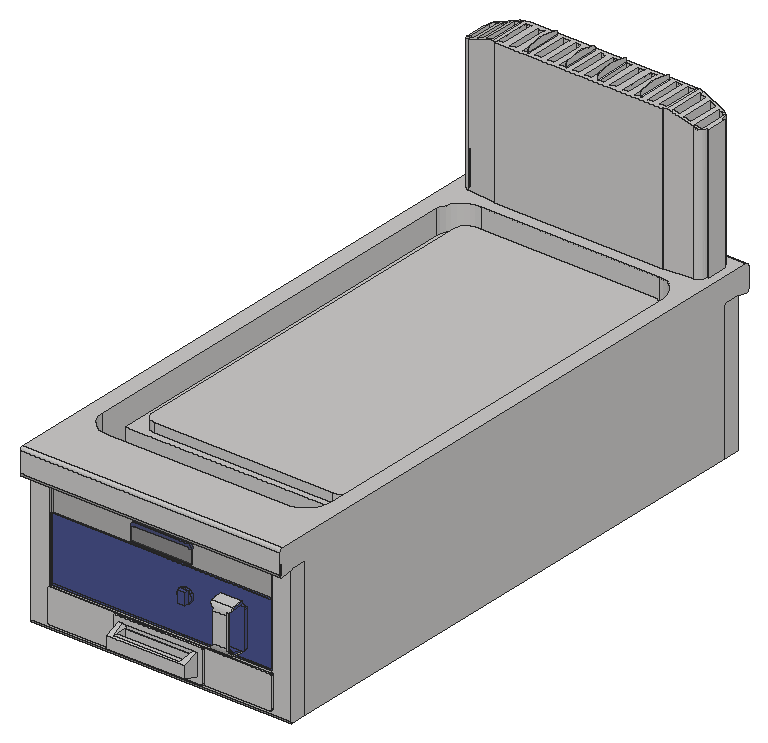
Revit family "QF_ELECTROLUXPROFESSIONAL_593316_MCGHABJOVI", category Specialty Equipment, Revit 2018
Family settings
  Round Connector Dimension = Use Diameter
  Part Type = Normal
  Work Plane-Based = No
  Always vertical = Yes
  Cut with Voids When Loaded = No
  Shared = No
  Room Calculation Point = No
Parameters (values of type "Standard")
  Weight = 82.00 kg
  Watts = 0 W
  Volts = 0 V
  URL Manufacturer = "http://professional.electrolux.com"
  URL = "http://professional.electrolux.com"
  Steam Supply Size = 0"
  Steam Supply Minimum Pressure = 0.00 psi
  Steam Supply Maximum Pressure = 0.00 psi
  Steam Pounds per Hour = 0
  Show Clearance [instance] = yes
  Refrigeration Suction Line Size = 0 mm
  Refrigeration Liquid Line Size = 0 mm
  Refrigerant Compressor Remote = yes
  Phase = 0
  Model = "MCGHABJOVI"
  Manufacturer = "Electrolux Professional"
  Length Actual = 1000 mm  # constant formula
  Item Number = "593316"
  Hot Water Size = 0"
  Height Actual = 250 mm  # constant formula
  HP = "0 HP"
  Gas Size = 1/2"
  Gas KW = 34
  Gas Input Pressure = 3.27142 Btu/h
  Direct Waste Size = 0"
  Description = "GAS TOP,4B,TOWNGAS,ECO,1S,BS,1000X900X25"
  Depth Actual = 900 mm  # constant formula
  Cycle = 0 Hz
  Condensate Return Size = 0"
  Compressed Air Volume = 0 GPM
  Compressed Air Size = 0"
  Compressed Air Pressure = 0.00 psi
  Cold Water Size = 0"
  Back Panel [instance] = yes
  Accessory = yes
Reference planes
  plane 1 "BACK": y = 0
  plane 2: z = 0
  plane 3 "LEFT": x = 0
  plane 4 "RIGHT": x = 400
  plane 5 "FRONT": y = -900
  plane 6 "TOP": z = 250
  plane 7: x = 200
  plane 8: y = -450
  plane 9: z = 481
  plane 10: y = -1330
Forms (mm)
  Extrusion 1, solid, material "QF_Finishes_Stainless Steel"
    sketch origin (0, -487.128, 0) x (0, 1, 0) y (0, 0, 1)
      loop
        line (483.128, 250) -> (-408.872, 250)
        arc (-408.872, 250) -> (-411.7, 248.828) -> (-412.872, 246) r 4
        line (-412.872, 246) -> (-412.872, 214)
        arc (-412.872, 214) -> (-411.443, 210.936) -> (-408.177, 210.061) r 4
        line (-408.177, 210.061) -> (-391.509, 213) -> (-366.872, 213) -> (-366.872, 0) -> (441.128, 0) -> (441.128, 213) -> (465.765, 213) -> (482.433, 210.061)
        arc (482.433, 210.061) -> (485.699, 210.936) -> (487.128, 214) r 4
        line (487.128, 214) -> (487.128, 246)
        arc (487.128, 246) -> (485.956, 248.828) -> (483.128, 250) r 4
    from 0 to 400
  Extrusion 2, solid, material "QF_Finishes_Stainless Steel", visible <- "Back Panel"
    sketch origin (0, 0, 0) x (0, 1, 0) y (0, 0, 1)
      loop
        line (-46, 0) -> (-20, 0) -> (-20, 213) -> (-46, 213) -> (-46, 0)
    from 0 to 400
  Extrusion 3, void
    sketch origin (653.786, 44.048, 250) x (1, 0, 0) y (0, -1, 0)
      loop
        line (-590.636, 138.048) -> (-316.936, 138.048)
        arc (-316.936, 138.048) -> (-289.96, 149.222) -> (-278.786, 176.198) r 38.15
        line (-278.786, 176.198) -> (-278.786, 816.572)
        arc (-278.786, 816.572) -> (-290.056, 843.779) -> (-317.263, 855.048) r 38.476
        line (-317.263, 855.048) -> (-591.786, 855.048)
        arc (-591.786, 855.048) -> (-617.949, 844.211) -> (-628.786, 818.048) r 37
        line (-628.786, 818.048) -> (-628.786, 176.198)
        arc (-628.786, 176.198) -> (-617.613, 149.222) -> (-590.636, 138.048) r 38.15
    from 0 to 37
  Extrusion 4, void
    sketch origin (1307.573, 92.096, 213) x (0, 1, 0) y (1, 0, 0)
      loop
        line (-821.846, -932.573) -> (-864.62, -932.573)
        arc (-864.62, -932.573) -> (-891.827, -943.842) -> (-903.096, -971.049) r 38.476
        line (-903.096, -971.049) -> (-903.096, -1245.573)
        arc (-903.096, -1245.573) -> (-892.259, -1271.736) -> (-866.096, -1282.573) r 37
        line (-866.096, -1282.573) -> (-821.846, -1282.573) -> (-821.846, -932.573)
    from 0 to 25.6
  Extrusion 5, void
    sketch origin (1307.573, 92.096, 187.4) x (-1, 0, 0) y (0, 1, 0)
      loop
        circle (1212.573, -862.096) r 22.248
    from 0 to 92
  Extrusion 6, solid, material "QF_Finishes_Stainless Steel"
    sketch origin (0, -854, 0) x (1, 0, 0) y (0, -1, 0)
      loop
        circle (365, -264) r 6.35
    from 0 to 3.2
  Extrusion 7, solid, material "QF_Door-Drawer Clearances", visible <- "Show Clearance", detail levels coarse
    sketch origin (237.31, -881.593, 8.62) x (0, 0, 1) y (-1, 0, 0)
      loop
        line (1.973, -134.295) -> (49.317, -134.295)
        arc (49.317, -134.295) -> (50.776, -133.691) -> (51.38, -132.232) r 2.063
        line (51.38, -132.232) -> (51.38, 206.852)
        arc (51.38, 206.852) -> (50.88, 208.549) -> (49.541, 209.705) r 3.133
        line (49.541, 209.705) -> (3.067, 209.705)
        arc (3.067, 209.705) -> (0.898, 208.807) -> (0, 206.638) r 3.067
        line (0, 206.638) -> (0, -132.322)
        arc (0, -132.322) -> (0.578, -133.717) -> (1.973, -134.295) r 1.973
    from 0 to 448.407
  Extrusion 8, solid, material "QF_Finishes_Stainless Steel"
    sketch origin (653.786, 44.048, 213) x (1, 0, 0) y (0, 1, 0)
      loop
        line (-608.786, -166.361) -> (-608.786, -745.485)
        arc (-608.786, -745.485) -> (-603.47, -758.319) -> (-590.636, -763.635) r 18.15
        line (-590.636, -763.635) -> (-316.936, -763.635)
        arc (-316.936, -763.635) -> (-304.102, -758.319) -> (-298.786, -745.485) r 18.15
        line (-298.786, -745.485) -> (-298.786, -166.361)
        arc (-298.786, -166.361) -> (-304.102, -153.527) -> (-316.936, -148.211) r 18.15
        line (-316.936, -148.211) -> (-590.636, -148.211)
        arc (-590.636, -148.211) -> (-603.47, -153.527) -> (-608.786, -166.361) r 18.15
    from 0 to 13.3
  Extrusion 9, solid, material "QF_Clearances", visible <- "Show Clearance", detail levels coarse
    sketch origin (-178.969, -4572, 0) x (-1, 0, 0) y (0, -1, 0)
      loop
        line (-78.969, -3672) -> (-178.969, -3672) -> (-178.969, -4572) -> (-578.969, -4572) -> (-578.969, -3672) -> (-678.969, -3672) -> (-678.969, -4672) -> (-78.969, -4672) -> (-78.969, -3672)
    from 0 to 250
Cuts and joins
  Extrusion 3, Extrusion 4, Extrusion 5 cuts Extrusion 1
Lines and regions (mm)
  symbolic lines
    curve 1: line (293.666, -902.326, 0) -> (293.666, -900, 0)
    curve 2: spline (299.334, -903.73, 0) -> (298.856, -903.657, 0) -> (298.378, -903.575, 0) -> (297.901, -903.486, 0) -> (297.425, -903.389, 0) -> (296.95, -903.283, 0) -> (296.476, -903.17, 0) -> (296.004, -903.049, 0) -> (295.533, -902.92, 0) -> (295.064, -902.783, 0) -> (294.596, -902.638, 0) -> (294.13, -902.486, 0) -> (293.666, -902.326, 0)
    curve 3: line (325.881, -902.326, 0) -> (325.881, -900, 0)
    curve 4: spline (325.881, -902.326, 0) -> (325.417, -902.486, 0) -> (324.951, -902.638, 0) -> (324.483, -902.783, 0) -> (324.014, -902.92, 0) -> (323.543, -903.049, 0) -> (323.071, -903.17, 0) -> (322.597, -903.283, 0) -> (322.122, -903.389, 0) -> (321.646, -903.486, 0) -> (321.169, -903.575, 0) -> (320.691, -903.657, 0) -> (320.213, -903.73, 0)
    curve 5: line (299.334, -903.73, 0) -> (320.213, -903.73, 0)
    curve 6: line (25, -774, 0) -> (25, -132.15, 0)
    curve 7: arc (25, -132.15, 0) -> (36.174, -105.174, 0) -> (63.15, -94, 0) r 38.15
    curve 8: line (63.15, -94, 0) -> (336.85, -94, 0)
    curve 9: arc (336.85, -94, 0) -> (363.826, -105.174, 0) -> (375, -132.15, 0) r 38.15
    curve 10: line (375, -132.15, 0) -> (375, -772.524, 0)
    curve 11: arc (375, -772.524, 0) -> (363.731, -799.731, 0) -> (336.524, -811, 0) r 38.476
    curve 12: line (336.524, -811, 0) -> (62, -811, 0)
    curve 13: arc (62, -811, 0) -> (35.837, -800.163, 0) -> (25, -774, 0) r 37
    curve 14: line (375, -729.75, 0) -> (25, -729.75, 0)
    curve 15: circle (95, -770, 0) r 22.248 normal (0, 0, -1)
    curve 16: line (0, 0, 0) -> (400, 0, 0)
    curve 17: line (0, -900, 0) -> (0, 0, 0)
    curve 18: line (400, -900, 0) -> (0, -900, 0)
    curve 19: line (400, 0, 0) -> (400, -900, 0)
    curve 20: line (147.608, -908.767, 0) -> (250.042, -908.767, 0)
    curve 21: line (250.042, -908.767, 0) -> (251.588, -900, 0)
    curve 22: line (147.608, -908.767, 0) -> (146.062, -900, 0)
  symbolic lines, style "QF_Door-Drawer Clearances"
    curve 23: line (27.605, -1330, 0) -> (27.605, -900, 0)
    curve 24: line (27.605, -1330, 0) -> (371.605, -1330, 0)
    curve 25: line (371.605, -1330, 0) -> (371.605, -900, 0)
  symbolic lines, style "SpecialityEquipment"
    curve 26: line (355, -701.437, 0) -> (355, -122.313, 0)
    curve 27: arc (355, -122.313, 0) -> (349.684, -109.479, 0) -> (336.85, -104.163, 0) r 18.15
    curve 28: line (336.85, -104.163, 0) -> (63.15, -104.163, 0)
    curve 29: arc (63.15, -104.163, 0) -> (50.316, -109.479, 0) -> (45, -122.313, 0) r 18.15
    curve 30: line (45, -122.313, 0) -> (45, -701.437, 0)
    curve 31: arc (45, -701.437, 0) -> (50.316, -714.271, 0) -> (63.15, -719.587, 0) r 18.15
    curve 32: line (63.15, -719.587, 0) -> (336.85, -719.587, 0)
    curve 33: arc (336.85, -719.587, 0) -> (349.684, -714.271, 0) -> (355, -701.437, 0) r 18.15
  symbolic lines, style "QF_Clearances", visible <- "Show Clearance", detail levels coarse
    curve 34: line (-100, 100, 0) -> (-100, -900, 0)
    curve 35: line (500, 100, 0) -> (-100, 100, 0)
    curve 36: line (500, -900, 0) -> (500, 100, 0)
Dimensions and locks
  plane 3 "LEFT" to plane 4 "RIGHT" = 400 mm
  plane 5 "FRONT" to plane 1 "BACK" = 900 mm
  equal spacing: plane 3 "LEFT", plane 7, plane 4 "RIGHT"
  equal spacing: plane 5 "FRONT", plane 8, plane 1 "BACK"
  plane 6 "TOP" to level = 250 mm  (x2)
  plane 1 "BACK" to plane 5 "FRONT" = 900 mm
  Extrusion 6 sketch curve to plane 1 "BACK" = 590 mm
  Extrusion 6 sketch curve to plane 4 "RIGHT" = 35 mm
  plane 5 "FRONT" to plane 10 = 430 mm
  plane 9 to plane 6 "TOP" = 231 mm
  plane 9 to level = 481 mm
  Extrusion 9 to plane 3 "LEFT" = 100 mm
  plane 4 "RIGHT" to Extrusion 9 = 100 mm
  plane 1 "BACK" to Extrusion 9 = 100 mm
  radius of Extrusion 8 sketch curve = 18.15 mm  (x4)
  aligned and locked: level to plane 2
  aligned and locked: plane 7 to nested 1
  aligned and locked: Extrusion 7 to plane 10
  aligned and locked: nested 2 to plane 6 "TOP"
  aligned and locked: plane 6 "TOP" to Extrusion 9
Automatic sketch dimensions
  Extrusion 2 sketch curve to Extrusion 2 sketch curve = 26 mm
  plane 1 "BACK" to Extrusion 2 sketch curve = 20 mm
  Extrusion 1 to Extrusion 3 sketch curve = 90 mm
  Extrusion 1 to Extrusion 3 sketch curve = 122 mm
  Extrusion 1 to Extrusion 3 sketch curve = 25 mm
  Extrusion 3 sketch curve to Extrusion 3 sketch curve = 38.15 mm  (x2)
  Extrusion 1 to Extrusion 3 sketch curve = 123.476 mm
  Extrusion 1 to Extrusion 3 sketch curve = 85 mm
  Extrusion 3 sketch curve to Extrusion 3 sketch curve = 274.524 mm
  Extrusion 1 sketch curve to plane 5 "FRONT" = 0 mm
  Extrusion 1 sketch curve to plane 6 "TOP" = 0 mm
  Extrusion 1 sketch curve to level = 0 mm
  Extrusion 1 sketch curve to plane 1 "BACK" = 0 mm
  Extrusion 1 sketch curve to plane 6 "TOP" = 37 mm  (x2)
  Extrusion 1 sketch curve to plane 5 "FRONT" = 4 mm
  Extrusion 1 sketch curve to plane 5 "FRONT" = 21.363 mm
  Extrusion 1 sketch curve to plane 5 "FRONT" = 46 mm
  plane 1 "BACK" to Extrusion 1 sketch curve = 21.363 mm
  plane 1 "BACK" to Extrusion 1 sketch curve = 4 mm  (x2)
  Extrusion 1 sketch curve to Extrusion 1 sketch curve = 4 mm
  Extrusion 1 sketch curve to Extrusion 1 sketch curve = 0.695 mm
  Extrusion 1 sketch curve to Extrusion 1 sketch curve = 0 mm  (x4)
  plane 1 "BACK" to Extrusion 1 sketch curve = 4.695 mm
  Extrusion 1 sketch curve to Extrusion 1 sketch curve = 1 mm  (x2)
  plane 1 "BACK" to Extrusion 1 sketch curve = 46 mm
  Extrusion 4 sketch curve to Extrusion 3 = 81.25 mm
  Extrusion 3 to Extrusion 4 sketch curve = 0 mm  (x2)
  Extrusion 4 sketch curve to Extrusion 4 sketch curve = 37 mm
  Extrusion 4 sketch curve to Extrusion 4 sketch curve = 274.524 mm
  Extrusion 4 sketch curve to Extrusion 3 = 38.476 mm
  Extrusion 5 sketch curve to Extrusion 4 = 41 mm
  Extrusion 5 sketch curve to Extrusion 4 = 70 mm
  Extrusion 7 sketch curve to nested 1 = 1.973 mm
  Extrusion 7 sketch curve to nested 1 = 2.853 mm
  Extrusion 7 sketch curve to nested 1 = 1.839 mm
  plane 1 "BACK" to curve 16 = 0 mm
  curve 16 to plane 4 "RIGHT" = 0 mm
  curve 23 to plane 10 = 0 mm
  curve 17 to plane 3 "LEFT" = 0 mm
  plane 5 "FRONT" to curve 25 = 0 mm
  plane 4 "RIGHT" to curve 10 = 25 mm
  curve 10 to curve 8 = 38.15 mm
  curve 11 to curve 12 = 38.476 mm
  plane 5 "FRONT" to curve 21 = 8.767 mm
  plane 5 "FRONT" to curve 3 = 2.326 mm
  plane 7 to curve 3 = 125.881 mm
  plane 5 "FRONT" to curve 5 = 3.73 mm
  curve 3 to curve 5 = 5.669 mm
  curve 5 to curve 22 = 172.605 mm
  curve 5 to curve 20 = 151.727 mm
  plane 5 "FRONT" to curve 1 = 2.326 mm
  curve 2 to curve 1 = 5.669 mm
  plane 3 "LEFT" to curve 8 = 63.15 mm
  plane 3 "LEFT" to curve 12 = 62 mm
  plane 3 "LEFT" to curve 23 = 27.605 mm
  plane 3 "LEFT" to curve 6 = 25 mm
  plane 4 "RIGHT" to curve 25 = 28.395 mm
  plane 5 "FRONT" to curve 4 = 4.032 mm
  curve 5 to curve 4 = 4.17 mm
  curve 4 to curve 22 = 169.98 mm
  curve 4 to curve 2 = 12.538 mm
  curve 15 to curve 13 = 33 mm
  plane 1 "BACK" to curve 8 = 94 mm
  curve 10 to plane 5 "FRONT" = 127.476 mm
  curve 14 to curve 13 = 44.25 mm
  curve 15 to curve 13 = 4 mm
  curve 2 to curve 4 = 0 mm
  Extrusion 8 sketch curve to Extrusion 3 = 20 mm
  Extrusion 8 sketch curve to Extrusion 3 = 91.413 mm
  Extrusion 8 sketch curve to Extrusion 3 = 38.15 mm
  Extrusion 8 sketch curve to Extrusion 3 = 28.313 mm
  plane 4 "RIGHT" to curve 26 = 45 mm
  plane 3 "LEFT" to curve 28 = 63.15 mm
  plane 1 "BACK" to curve 28 = 104.163 mm
  curve 28 to curve 8 = 0 mm
  curve 33 to curve 32 = 18.15 mm
  curve 32 to curve 14 = 38.15 mm
  curve 29 to curve 30 = 18.15 mm
  curve 30 to curve 14 = 28.313 mm
  plane 7 to curve 21 = 50.042 mm
  curve 21 to curve 20 = 1.546 mm
  plane 1 "BACK" to Extrusion 9 sketch curve = 0 mm
  plane 5 "FRONT" to Extrusion 9 sketch curve = 0 mm  (x2)
  Extrusion 9 sketch curve to plane 4 "RIGHT" = 100 mm
  Extrusion 9 sketch curve to plane 1 "BACK" = 100 mm
  Extrusion 9 sketch curve to plane 3 "LEFT" = 100 mm
  Extrusion 9 sketch curve to plane 3 "LEFT" = 0 mm
  Extrusion 9 sketch curve to plane 4 "RIGHT" = 0 mm
  curve 34 to plane 3 "LEFT" = 100 mm
  curve 34 to plane 1 "BACK" = 100 mm
  plane 5 "FRONT" to curve 34 = 0 mm
  curve 35 to plane 4 "RIGHT" = 100 mm
  plane 5 "FRONT" to curve 36 = 0 mm
  Extrusion 2 sketch curve to level = 0 mm
  Extrusion 2 sketch curve to plane 6 "TOP" = 37 mm
  radius of Extrusion 5 sketch curve = 22.248 mm
  radius of Extrusion 6 sketch curve = 6.35 mm
  radius of Extrusion 7 sketch curve to nested 1 = 0 mm  (x2)
  radius of curve 15 = 22.248 mm
Nested families
  nested 1: "GG_900_400 Front Panel with Center Grease Trap" at (202.376, -854, -650), type "GG_900_400 Front Panel with Center Grease Trap"
  nested 2: "GG_900_Flute for 400 fryer" at (404.201, -5, -635.571), type "GG_900_Flute for 400 fryer"
Connectors
  piping at (365, -590, -3.2), diameter 12.8
    settings: on Extrusion 6, index 1, connector inside diameter 0.50394", connector length 0 mm, flow factor 0, pipe flow 0 GPM, pressure drop 0.00 psi, fitting loss kfactor 0, connector angle 0.00°, fixture units 0, engagement length 0 mm, angle of deflection 0.00°, flow configuration 1, flow direction 1, fitting loss method 0, system type 7, joint type 0, gender type 0, connector reference index -1, connector utility 0, adjustable connector no, is connector primary yes, connector description "GAS CONNECTION"
Definition of nested family "GG_900_400 Front Panel with Center Grease Trap"
  Reference planes
    plane 1 "Center (Front/Back)": y = 0
    plane 2: z = 0
    plane 3 "Center (Left/Right)": x = -2.376
    plane 4: x = -202.376
    plane 5: x = 197.624
  Forms (mm)
    Extrusion 1, solid
      sketch origin (833.217, 829.203, -1.25) x (0, 1, 0) y (0, 0, 1)
        loop
          arc (-854.203, 654.25) -> (-853.324, 652.129) -> (-851.203, 651.25) r 3
          line (-851.203, 651.25) -> (-829.203, 651.25) -> (-829.203, 864.25) -> (-854.203, 864.25) -> (-854.203, 654.25)
      from -1035.593 to -635.593
    Extrusion 2, void
      sketch origin (33.217, 829.203, -1.25) x (1, 0, 0) y (0, 0, 1)
        loop
          line (-207.593, 855.116) -> (-207.593, 713.116) -> (136.407, 713.116) -> (136.407, 855.116) -> (-207.593, 855.116)
      from 848.59 to 854.203
    Extrusion 3, solid
      sketch origin (-166.718, -23.053, 847.184) x (0, 0, -1) y (1, 0, 0)
        loop
          circle (77.168, 200.901) r 11
      from 0 to 3.2
    Extrusion 4, solid
      sketch origin (-166.718, -26.253, 847.184) x (0, 0, -1) y (1, 0, 0)
        loop
          line (67.962, 195.586) -> (86.297, 195.586) -> (86.297, 206.217) -> (67.962, 206.217) -> (67.962, 195.586)
      from 0 to 6.4
  Cuts and joins
    Extrusion 2 cuts Extrusion 1
  Dimensions and locks
    equal spacing: plane 5, plane 3 "Center (Left/Right)", plane 4
    plane 5 to plane 4 = 400 mm
    plane 5 to nested 1 = 90 mm
    aligned and locked: cut or joined group of Extrusion 1, Extrusion 2 to plane 4
    aligned and locked: plane 5 to cut or joined group of Extrusion 1, Extrusion 2
    aligned and locked: plane 3 "Center (Left/Right)" to nested 2
    aligned and locked: cut or joined group of Extrusion 1, Extrusion 2 to nested 2
    aligned and locked: plane 3 "Center (Left/Right)" to nested 3
  Automatic sketch dimensions
    Extrusion 1 sketch curve to plane 1 "Center (Front/Back)" = 0 mm
    plane 1 "Center (Front/Back)" to Extrusion 1 sketch curve = 22 mm
    Extrusion 1 sketch curve to Extrusion 1 sketch curve = 3 mm
    level to Extrusion 1 sketch curve = 650 mm
    Extrusion 1 sketch curve to Extrusion 1 sketch curve = 210 mm
    plane 4 to Extrusion 2 sketch curve = 28 mm
    Extrusion 2 sketch curve to plane 5 = 28 mm
    level to Extrusion 2 sketch curve = 711.866 mm
    Extrusion 2 sketch curve to Extrusion 2 sketch curve = 142 mm
    nested 2 to Extrusion 3 sketch curve = 40.144 mm
    Extrusion 3 sketch curve to nested 2 = 132.531 mm
    Extrusion 4 sketch curve to Extrusion 4 sketch curve = 18.335 mm
    Extrusion 4 sketch curve to Extrusion 4 sketch curve = 10.631 mm
    radius of Extrusion 3 sketch curve = 11 mm
  Nested families
    nested 1: "Range Control Handle" at (107.624, -28.137, -209.113) x (-1, 0, 0) z (0, 0, 1), type "Range Control Handle"
    nested 2: "glass conrol panel" at (-2.376, 280.644, 2.752), type "glass conrol panel"
    nested 3: "grease trap door" at (65.223, -25, 0.608) x (-1, 0, 0) z (0, 0, 1), type "grease trap door"
  Definition of nested family "Range Control Handle"
    Reference planes
      plane 1 "Center (Front/Back)": y = 0
      plane 2: z = 0
      plane 3 "Center (Left/Right)": x = 0
      plane 4: z = 971.092
    Forms (mm)
      Extrusion 1, solid
        sketch origin (-746.28, 380.497, 208.931) x (-1, 0, 0) y (0, 0, 1)
          loop
            line (-770.101, 786.798) -> (-770.101, 731.649)
            arc (-770.101, 731.649) -> (-769.759, 730.563) -> (-768.855, 729.87) r 1.893
            line (-768.855, 729.87) -> (-763.474, 727.911) -> (-729.81, 727.911) -> (-724.428, 729.87)
            arc (-724.428, 729.87) -> (-723.525, 730.563) -> (-723.183, 731.649) r 1.893
            line (-723.183, 731.649) -> (-723.183, 786.798)
            arc (-723.183, 786.798) -> (-723.529, 787.894) -> (-724.44, 788.593) r 1.91
            line (-724.44, 788.593) -> (-729.683, 790.819) -> (-763.601, 790.819) -> (-768.844, 788.593)
            arc (-768.844, 788.593) -> (-769.755, 787.894) -> (-770.101, 786.798) r 1.91
        from -382.35 to -378.852
      Sweep 2, solid
        path origin (-746.788, 380.496, 208.091) x (0, -1, 0) y (0, 0, 1)
          loop
            line (379.775, 793.281) -> (395.661, 791.048)
            arc (395.661, 791.048) -> (397.781, 787.377) -> (398.517, 783.202) r 12.207
            line (398.517, 783.202) -> (398.517, 737.368)
            arc (398.517, 737.368) -> (397.781, 733.193) -> (395.661, 729.522) r 12.207
            line (395.661, 729.522) -> (379.775, 727.289)
        profile origin (-746.788, -7.222, 1000.256) x (0, -0.139173, 0.990268) y (-1, 0, 0)
          loop
            line (0.782, -763.123) -> (0.782, -730.907) -> (-1.322, -730.907) -> (-1.322, -763.123) -> (0.782, -763.123)
      Sweep 3, solid
        path origin (-746.788, 380.715, 207.832) x (0, -1, 0) y (0, 0, 1)
          loop
            line (380.478, 795.442) -> (397.218, 793.09)
            arc (397.218, 793.09) -> (399.929, 788.473) -> (400.871, 783.202) r 15.207
            line (400.871, 783.202) -> (400.871, 737.584)
            arc (400.871, 737.584) -> (399.914, 732.274) -> (397.164, 727.633) r 15.207
            line (397.164, 727.633) -> (380.601, 725.305)
        profile origin (-746.788, -8.132, 1002.099) x (0, -0.139173, 0.990268) y (-1, 0, 0)
          loop
            line (0.782, -763.123) -> (0.782, -730.907) -> (-1.322, -730.907) -> (-1.322, -763.123) -> (0.782, -763.123)
      Extrusion 4, void
        sketch origin (889.253, 220.666, 207.993) x (1, 0, 0) y (0, 0, 1)
          loop
            line (-943.038, 816.854) -> (-943.038, 703.686) -> (-899.466, 734.196) -> (-899.466, 786.344) -> (-943.038, 816.854)
        from 230.636 to 242.25
      Extrusion 5, void
        sketch origin (-888.8, 220.666, 207.993) x (-1, 0, 0) y (0, 0, -1)
          loop
            line (-943.038, -816.854) -> (-899.466, -786.344) -> (-899.466, -734.196) -> (-943.038, -703.686) -> (-943.038, -816.854)
        from 230.636 to 242.25
      Extrusion 6, solid
        sketch origin (0, 0, 0) x (1, 0, 0) y (0, 0, 1)
          loop
            circle (0, 971.092) r 7.736
        from -3.137 to -1.645
    Cuts and joins
      Extrusion 4, Extrusion 5 cuts Sweep 3
      Extrusion 4, Extrusion 5 cuts Sweep 2
      joined: Extrusion 1, Extrusion 6
    Lines and regions (mm)
      symbolic lines
        curve 1: line (23.821, 1.645, 0) -> (-23.097, 1.645, 0)
        curve 2: line (16.334, -1.853, 0) -> (23.821, -1.853, 0)
        curve 3: line (-15.881, -19.189, 0) -> (-15.881, -1.853, 0)
        curve 4: line (-23.097, -1.853, 0) -> (-15.881, -1.853, 0)
        curve 5: line (16.334, -19.189, 0) -> (16.334, -1.853, 0)
        curve 6: spline (-15.881, -19.189, 0) -> (-15.417, -19.349, 0) -> (-14.951, -19.501, 0) -> (-14.483, -19.646, 0) -> (-14.014, -19.783, 0) -> (-13.543, -19.912, 0) -> (-13.071, -20.033, 0) -> (-12.597, -20.146, 0) -> (-12.122, -20.251, 0) -> (-11.646, -20.349, 0) -> (-11.169, -20.438, 0) -> (-10.691, -20.52, 0) -> (-10.213, -20.593, 0)
        curve 7: spline (10.666, -20.593, 0) -> (11.144, -20.52, 0) -> (11.622, -20.438, 0) -> (12.099, -20.349, 0) -> (12.575, -20.251, 0) -> (13.05, -20.146, 0) -> (13.524, -20.033, 0) -> (13.996, -19.912, 0) -> (14.467, -19.783, 0) -> (14.936, -19.646, 0) -> (15.404, -19.501, 0) -> (15.87, -19.349, 0) -> (16.334, -19.189, 0)
        curve 8: line (-10.213, -20.938, 0) -> (10.716, -20.938, 0)
        curve 9: line (-23.097, 1.645, 0) -> (-23.097, -1.853, 0)
        curve 10: line (23.821, 1.645, 0) -> (23.821, -1.853, 0)
  Definition of nested family "glass conrol panel"
    Reference planes
      plane 1 "Center (Front/Back)": y = 0
      plane 2: z = 0
      plane 3 "Center (Left/Right)": x = 0
    Forms (mm)
      Extrusion 1, solid
        sketch origin (378.286, 0, 0.617) x (1, 0, 0) y (0, 0, 1)
          loop
            line (-550.286, 806.791) -> (-550.286, 708.497) -> (-206.286, 708.497) -> (-206.286, 806.791) -> (-550.286, 806.791)
        from 300.031 to 304.8
      Extrusion 2, solid
        sketch origin (378.286, 0, 0.617) x (1, 0, 0) y (0, 0, 1)
          loop
            line (-550.286, 850.497) -> (-550.286, 806.791) -> (-206.286, 806.791) -> (-206.286, 850.497) -> (-550.286, 850.497)
        from 300.031 to 304.8
      Extrusion 3, void
        sketch origin (378.286, 0, 0.617) x (1, 0, 0) y (0, 0, 1)
          loop
            line (-547.628, 847.565) -> (-547.628, 710.699) -> (-209.196, 710.699) -> (-209.196, 847.565) -> (-547.628, 847.565)
        from 303.697 to 304.8
      Extrusion 4, solid
        sketch origin (-308.309, 1.101, -0.633) x (-1, 0, 0) y (0, 0, -1)
          loop
            line (-261.431, -812.62) -> (-355.186, -812.62) -> (-355.186, -834.177) -> (-350.269, -834.177) -> (-348.469, -835.977) -> (-268.039, -835.977) -> (-266.24, -834.177) -> (-261.431, -834.177) -> (-261.431, -812.62)
        from 304.798 to 306.745
      Extrusion 5, solid
        sketch origin (-308.309, 1.101, -0.633) x (-1, 0, 0) y (0, 0, -1)
          loop
            line (-350.269, -834.177) -> (-355.078, -834.177)
            arc (-355.078, -834.177) -> (-353.942, -838.747) -> (-349.686, -840.763) r 5.5
            line (-349.686, -840.763) -> (-266.98, -840.763)
            arc (-266.98, -840.763) -> (-262.706, -838.752) -> (-261.529, -834.177) r 5.549
            line (-261.529, -834.177) -> (-266.24, -834.177) -> (-268.039, -835.977) -> (-348.469, -835.977) -> (-350.269, -834.177)
        from 304.798 to 306.745
    Cuts and joins
      Extrusion 3 cuts Extrusion 1
      Extrusion 3 cuts Extrusion 2
    Dimensions and locks
      aligned and locked: Extrusion 1 to Extrusion 2
      aligned and locked: Extrusion 5 sketch curve to Extrusion 4  (x5)
      aligned and locked: Extrusion 5 to Extrusion 4
  Definition of nested family "grease trap door"
    Reference planes
      plane 1 "Center (Front/Back)": y = 0
      plane 2: z = 0
      plane 3 "Center (Left/Right)": x = 0
    Forms (mm)
      Extrusion 1, solid
        sketch origin (1627.55, 854.203, -1.25) x (1, 0, 0) y (0, 0, 1)
          loop
            arc (-1627.55, 661.235) -> (-1626.972, 659.84) -> (-1625.577, 659.262) r 1.973
            line (-1625.577, 659.262) -> (-1494.325, 659.262)
            arc (-1494.325, 659.262) -> (-1492.156, 660.16) -> (-1491.258, 662.329) r 3.067
            line (-1491.258, 662.329) -> (-1491.258, 708.803)
            arc (-1491.258, 708.803) -> (-1492.414, 710.143) -> (-1494.111, 710.642) r 3.133
            line (-1494.111, 710.642) -> (-1625.486, 710.642)
            arc (-1625.486, 710.642) -> (-1626.945, 710.038) -> (-1627.55, 708.579) r 2.063
            line (-1627.55, 708.579) -> (-1627.55, 661.235)
        from 856.795 to 859.203
      Extrusion 2, solid
        sketch origin (445.874, 2476.61, 0) x (0, 1, 0) y (0, 0, 1)
          loop
            line (-2506.377, 675.273) -> (-2481.61, 667.505) -> (-2481.61, 700.995) -> (-2506.377, 693.227) -> (-2506.377, 675.273)
        from -437.68 to -317.68
      Extrusion 3, void
        sketch origin (1627.55, 854.203, -1.25) x (1, 0, 0) y (0, 0, 1)
          loop
            line (-1614.883, 703) -> (-1610.542, 695.433) -> (-1508.17, 695.433) -> (-1503.828, 703) -> (-1614.883, 703)
          loop
            line (-1614.883, 668) -> (-1502.669, 668) -> (-1507.01, 675.567) -> (-1610.542, 675.567) -> (-1614.883, 668)
        from 832.916 to 883.97
      Extrusion 4, void
        sketch origin (447.55, 854.203, -1.25) x (1, 0, 0) y (0, 0, 1)
          loop
            line (-430.542, 695.433) -> (-430.542, 675.567) -> (-328.17, 675.567) -> (-328.17, 695.433) -> (-430.542, 695.433)
        from 859.203 to 874.202
      Extrusion 5, solid
        sketch origin (1627.55, 854.203, -1.25) x (1, 0, 0) y (0, 0, 1)
          loop
            arc (-1731.556, 661.235) -> (-1730.978, 659.84) -> (-1729.583, 659.262) r 1.973
            line (-1729.583, 659.262) -> (-1390.623, 659.262)
            arc (-1390.623, 659.262) -> (-1388.454, 660.16) -> (-1387.556, 662.329) r 3.067
            line (-1387.556, 662.329) -> (-1387.556, 708.803)
            arc (-1387.556, 708.803) -> (-1388.712, 710.143) -> (-1390.409, 710.642) r 3.133
            line (-1390.409, 710.642) -> (-1729.493, 710.642)
            arc (-1729.493, 710.642) -> (-1730.952, 710.038) -> (-1731.556, 708.579) r 2.063
            line (-1731.556, 708.579) -> (-1731.556, 661.235)
        from 854.203 to 856.795
    Cuts and joins
      Extrusion 3 cuts Extrusion 1
      Extrusion 3, Extrusion 4 cuts Extrusion 2
      joined: Extrusion 1, Extrusion 2
    Lines and regions (mm)
      symbolic lines
        curve 1: line (0, -2.593, 0) -> (136.292, -2.593, 0)
        curve 2: line (17.557, -29.767, 0) -> (12.667, -2.593, 0)
        curve 3: line (17.557, -29.767, 0) -> (119.991, -29.767, 0)
        curve 4: line (119.991, -29.767, 0) -> (124.881, -2.593, 0)
        curve 5: line (68.146, -2.593, 0) -> (68.146, -29.767, 0)
      model lines
        curve 6: line (67.599, 0, 658.012) -> (67.599, 0, 709.392)
    Dimensions and locks
      aligned and locked: Extrusion 2 to Extrusion 1
      aligned and locked: Extrusion 3 to Extrusion 2
      aligned and locked: Extrusion 4 to Extrusion 1
Definition of nested family "GG_900_Flute for 400 fryer"
  Reference planes
    plane 1 "Center (Front/Back)": y = 0
    plane 2: z = 0
    plane 3 "Center (Left/Right)": x = -138.888
    plane 4: x = -388.888
    plane 5: y = -37.994
    plane 6: x = -24.888
    plane 7: x = -382.888
    plane 8: x = -341.546
    plane 9: x = -397.742
    plane 10: x = -10.763
  Forms (mm)
    Extrusion 1, solid
      sketch origin (3208.371, -22.924, -275.679) x (1, 0, 0) y (0, 0, 1)
        loop
          line (-3597.259, 1365.162) -> (-3597.259, 1161.25) -> (-3227.259, 1161.25) -> (-3227.259, 1364.934) -> (-3271.553, 1381.055)
          arc (-3271.553, 1381.055) -> (-3274.994, 1381.949) -> (-3278.536, 1382.25) r 21
          line (-3278.536, 1382.25) -> (-3546.608, 1382.25)
          arc (-3546.608, 1382.25) -> (-3550.146, 1381.95) -> (-3553.582, 1381.058) r 21
          line (-3553.582, 1381.058) -> (-3597.259, 1365.162)
      from -17.885 to 48.024
    Extrusion 2, void
      sketch origin (3110.917, -926.426, -226.348) x (1, 0, 0) y (0, 1, 0)
        loop
          line (-3444.887, 915.362) -> (-3444.887, 861.502) -> (-3434.887, 861.502) -> (-3434.887, 915.362) -> (-3444.887, 915.362)
      from 1111.919 to 1332.919
    Extrusion 3, void
      sketch origin (0, 0, 0) x (1, 0, 0) y (0, 1, 0)
        loop
          line (-373.021, -61.567) -> (-373.021, -14.408) -> (-377.678, -14.821)
          spline (-377.678, -14.821) -> (-378.371, -14.929) -> (-379.046, -15.126) -> (-379.692, -15.41) -> (-380.301, -15.777) -> (-380.864, -16.22) -> (-381.37, -16.734) -> (-381.814, -17.309) -> (-382.188, -17.939) -> (-382.486, -18.613) -> (-382.704, -19.32) -> (-382.839, -20.051) -> (-382.888, -20.793)
          line (-382.888, -20.793) -> (-382.888, -55.104)
          spline (-382.888, -55.104) -> (-382.855, -55.807) -> (-382.746, -56.501) -> (-382.562, -57.176) -> (-382.305, -57.825) -> (-381.98, -58.437) -> (-381.589, -59.005) -> (-381.14, -59.521) -> (-380.637, -59.978) -> (-380.087, -60.369) -> (-379.499, -60.69) -> (-378.879, -60.936) -> (-378.237, -61.104)
          line (-378.237, -61.104) -> (-373.021, -61.567)
        loop
          line (-367.195, -62.083) -> (-357.328, -62.958) -> (-357.328, -13.046) -> (-367.195, -13.892) -> (-367.195, -62.083)
        loop
          line (-351.502, -12.529) -> (-351.502, -63.476) -> (-341.546, -64.358) -> (-341.546, -11.645) -> (-351.502, -12.529)
        loop
          line (-29.412, -14.802) -> (-33.505, -14.439) -> (-33.505, -61.567) -> (-28.848, -61.184)
          spline (-28.848, -61.184) -> (-28.15, -61.075) -> (-27.471, -60.875) -> (-26.82, -60.588) -> (-26.208, -60.217) -> (-25.644, -59.768) -> (-25.136, -59.248) -> (-24.692, -58.666) -> (-24.32, -58.029) -> (-24.024, -57.349) -> (-23.81, -56.634) -> (-23.681, -55.897) -> (-23.638, -55.149)
          line (-23.638, -55.149) -> (-23.638, -20.839)
          spline (-23.638, -20.839) -> (-23.689, -20.042) -> (-23.837, -19.26) -> (-24.082, -18.505) -> (-24.417, -17.791) -> (-24.838, -17.13) -> (-25.338, -16.534) -> (-25.906, -16.014) -> (-26.535, -15.577) -> (-27.211, -15.233) -> (-27.925, -14.986) -> (-28.663, -14.842) -> (-29.412, -14.802)
        loop
          line (-39.331, -13.922) -> (-49.198, -13.046) -> (-49.198, -62.989) -> (-39.331, -62.113) -> (-39.331, -13.922)
        loop
          line (-64.98, -11.615) -> (-64.98, -64.389) -> (-55.024, -63.506) -> (-55.024, -12.499) -> (-64.98, -11.615)
      from 885.571 to 1106.571
    Extrusion 4, void
      sketch origin (5.432, 225.414, 0) x (1, 0, 0) y (0, 1, 0)
        loop
          spline (-382.452, -291.267) -> (-383.887, -291.038) -> (-385.284, -290.622) -> (-386.623, -290.026) -> (-387.883, -289.259) -> (-389.044, -288.332) -> (-390.088, -287.26) -> (-391.001, -286.059) -> (-391.767, -284.747) -> (-392.375, -283.345) -> (-392.817, -281.874) -> (-393.084, -280.356) -> (-393.174, -278.815)
          line (-393.174, -278.815) -> (-403.174, -278.815) -> (-403.174, -302.496) -> (-338.779, -302.496) -> (-338.779, -295.112) -> (-382.452, -291.267)
        loop
          line (-382.452, -235.548) -> (-338.508, -231.703) -> (-338.508, -224.32) -> (-403.174, -224.32) -> (-403.174, -248.001) -> (-393.174, -248.001)
          spline (-393.174, -248.001) -> (-393.084, -246.459) -> (-392.817, -244.941) -> (-392.375, -243.47) -> (-391.767, -242.068) -> (-391.001, -240.757) -> (-390.088, -239.556) -> (-389.044, -238.484) -> (-387.883, -237.557) -> (-386.623, -236.79) -> (-385.284, -236.194) -> (-383.887, -235.778) -> (-382.452, -235.548)
        loop
          line (-36.918, -291.267) -> (-80.794, -295.112) -> (-80.794, -302.496) -> (-16.195, -302.496) -> (-16.195, -278.815) -> (-26.195, -278.815)
          spline (-26.195, -278.815) -> (-26.285, -280.356) -> (-26.553, -281.874) -> (-26.994, -283.345) -> (-27.602, -284.747) -> (-28.369, -286.059) -> (-29.281, -287.26) -> (-30.326, -288.332) -> (-31.487, -289.259) -> (-32.746, -290.026) -> (-34.085, -290.622) -> (-35.482, -291.038) -> (-36.918, -291.267)
        loop
          spline (-36.918, -235.548) -> (-35.482, -235.778) -> (-34.085, -236.194) -> (-32.746, -236.79) -> (-31.487, -237.557) -> (-30.326, -238.484) -> (-29.281, -239.556) -> (-28.369, -240.757) -> (-27.602, -242.068) -> (-26.994, -243.47) -> (-26.553, -244.941) -> (-26.285, -246.459) -> (-26.195, -248.001)
          line (-26.195, -248.001) -> (-16.195, -248.001) -> (-16.195, -224.32) -> (-80.861, -224.32) -> (-80.861, -231.703) -> (-36.918, -235.548)
      from 0 to 1124.213
    Extrusion 5, solid
      sketch origin (-119.329, 1835.371, -536.725) x (0, 1, 0) y (0, 0, 1)
        loop
          line (-1849.66, 1651.2) -> (-1860.917, 1653.592)
          arc (-1860.917, 1653.592) -> (-1873.392, 1654.903) -> (-1885.866, 1653.592) r 60
          line (-1885.866, 1653.592) -> (-1897.123, 1651.2)
          arc (-1897.123, 1651.2) -> (-1899.403, 1649.803) -> (-1900.294, 1647.286) r 4
          line (-1900.294, 1647.286) -> (-1900.294, 1644.257) -> (-1846.435, 1644.257) -> (-1846.435, 1647.286)
          arc (-1846.435, 1647.286) -> (-1847.327, 1649.803) -> (-1849.603, 1651.198) r 4
      from 4.99 to 5.968
    Extrusion 6, solid
      sketch origin (1141.179, -0.446, -506.698) x (1, 0, 0) y (0, 0, 1)
        loop
          line (-1428.929, 1613.23) -> (-1427.196, 1613.23)
          arc (-1427.196, 1613.23) -> (-1426.997, 1613.712) -> (-1426.929, 1614.23) r 2
          line (-1426.929, 1614.23) -> (-1427.929, 1614.23)
          arc (-1427.929, 1614.23) -> (-1428.221, 1613.523) -> (-1428.929, 1613.23) r 1
      from 10.618 to 64.478
    Extrusion 7, solid
      sketch origin (-299.878, 1835.371, -536.725) x (0, 1, 0) y (0, 0, 1)
        loop
          line (-1849.66, 1651.2) -> (-1860.917, 1653.592)
          arc (-1860.917, 1653.592) -> (-1873.392, 1654.903) -> (-1885.866, 1653.592) r 60
          line (-1885.866, 1653.592) -> (-1897.123, 1651.2)
          arc (-1897.123, 1651.2) -> (-1899.403, 1649.803) -> (-1900.294, 1647.286) r 4
          line (-1900.294, 1647.286) -> (-1900.294, 1644.257) -> (-1846.435, 1644.257) -> (-1846.435, 1647.286)
          arc (-1846.435, 1647.286) -> (-1847.327, 1649.803) -> (-1849.603, 1651.198) r 4
      from 13.128 to 14.364
    Extrusion 8, solid
      sketch origin (1199.162, -0.446, -506.698) x (1, 0, 0) y (0, 0, 1)
        loop
          line (-1428.929, 1613.23) -> (-1427.196, 1613.23)
          arc (-1427.196, 1613.23) -> (-1426.997, 1613.712) -> (-1426.929, 1614.23) r 2
          line (-1426.929, 1614.23) -> (-1427.929, 1614.23)
          arc (-1427.929, 1614.23) -> (-1428.221, 1613.523) -> (-1428.929, 1613.23) r 1
      from 10.618 to 64.478
    Extrusion 9, solid
      sketch origin (-229.628, 1835.371, -536.725) x (0, 1, 0) y (0, 0, 1)
        loop
          line (-1849.66, 1651.2) -> (-1860.917, 1653.592)
          arc (-1860.917, 1653.592) -> (-1873.392, 1654.903) -> (-1885.866, 1653.592) r 60
          line (-1885.866, 1653.592) -> (-1897.123, 1651.2)
          arc (-1897.123, 1651.2) -> (-1899.403, 1649.803) -> (-1900.294, 1647.286) r 4
          line (-1900.294, 1647.286) -> (-1900.294, 1644.257) -> (-1846.435, 1644.257) -> (-1846.435, 1647.286)
          arc (-1846.435, 1647.286) -> (-1847.327, 1649.803) -> (-1849.603, 1651.198) r 4
      from 0.861 to 1.841
    Extrusion 10, solid
      sketch origin (-1411.284, -0.446, -506.698) x (-1, 0, 0) y (0, 0, -1)
        loop
          arc (-1298.929, -1613.23) -> (-1298.221, -1613.523) -> (-1297.929, -1614.23) r 1
          line (-1297.929, -1614.23) -> (-1296.929, -1614.23)
          arc (-1296.929, -1614.23) -> (-1296.997, -1613.712) -> (-1297.196, -1613.23) r 2
          line (-1297.196, -1613.23) -> (-1298.929, -1613.23)
      from 10.618 to 64.478
    Extrusion 11, solid
      sketch origin (-185.128, 1835.371, -536.725) x (0, 1, 0) y (0, 0, 1)
        loop
          line (-1849.66, 1651.2) -> (-1860.917, 1653.592)
          arc (-1860.917, 1653.592) -> (-1873.392, 1654.903) -> (-1885.866, 1653.592) r 60
          line (-1885.866, 1653.592) -> (-1897.123, 1651.2)
          arc (-1897.123, 1651.2) -> (-1899.403, 1649.803) -> (-1900.294, 1647.286) r 4
          line (-1900.294, 1647.286) -> (-1900.294, 1644.257) -> (-1846.435, 1644.257) -> (-1846.435, 1647.286)
          arc (-1846.435, 1647.286) -> (-1847.327, 1649.803) -> (-1849.603, 1651.198) r 4
      from 4.99 to 6.005
    Extrusion 12, solid
      sketch origin (-1477.066, -0.446, -506.698) x (-1, 0, 0) y (0, 0, -1)
        loop
          arc (-1298.929, -1613.23) -> (-1298.221, -1613.523) -> (-1297.929, -1614.23) r 1
          line (-1297.929, -1614.23) -> (-1296.929, -1614.23)
          arc (-1296.929, -1614.23) -> (-1296.997, -1613.712) -> (-1297.196, -1613.23) r 2
          line (-1297.196, -1613.23) -> (-1298.929, -1613.23)
      from 10.618 to 64.478
    Extrusion 13, void
      sketch origin (3360.917, -926.426, -226.348) x (1, 0, 0) y (0, 1, 0)
        loop
          line (-3444.887, 915.362) -> (-3444.887, 861.502) -> (-3434.887, 861.502) -> (-3434.887, 915.362) -> (-3444.887, 915.362)
      from 1111.919 to 1332.919
    Extrusion 14, void
      sketch origin (3130.148, -926.426, -226.348) x (1, 0, 0) y (0, 1, 0)
        loop
          line (-3444.887, 915.362) -> (-3444.887, 861.502) -> (-3434.887, 861.502) -> (-3434.887, 915.362) -> (-3444.887, 915.362)
      from 1111.919 to 1332.919
    Extrusion 15, void
      sketch origin (3149.379, -926.426, -226.348) x (1, 0, 0) y (0, 1, 0)
        loop
          line (-3444.887, 915.362) -> (-3444.887, 861.502) -> (-3434.887, 861.502) -> (-3434.887, 915.362) -> (-3444.887, 915.362)
      from 1111.919 to 1332.919
    Extrusion 16, void
      sketch origin (3168.61, -926.426, -226.348) x (1, 0, 0) y (0, 1, 0)
        loop
          line (-3444.887, 915.362) -> (-3444.887, 861.502) -> (-3434.887, 861.502) -> (-3434.887, 915.362) -> (-3444.887, 915.362)
      from 1111.919 to 1332.919
    Extrusion 17, void
      sketch origin (3187.841, -926.426, -226.348) x (1, 0, 0) y (0, 1, 0)
        loop
          line (-3444.887, 915.362) -> (-3444.887, 861.502) -> (-3434.887, 861.502) -> (-3434.887, 915.362) -> (-3444.887, 915.362)
      from 1111.919 to 1332.919
    Extrusion 18, void
      sketch origin (3207.071, -926.426, -226.348) x (1, 0, 0) y (0, 1, 0)
        loop
          line (-3444.887, 915.362) -> (-3444.887, 861.502) -> (-3434.887, 861.502) -> (-3434.887, 915.362) -> (-3444.887, 915.362)
      from 1111.919 to 1332.919
    Extrusion 19, void
      sketch origin (3226.302, -926.426, -226.348) x (1, 0, 0) y (0, 1, 0)
        loop
          line (-3444.887, 915.362) -> (-3444.887, 861.502) -> (-3434.887, 861.502) -> (-3434.887, 915.362) -> (-3444.887, 915.362)
      from 1111.919 to 1332.919
    Extrusion 20, void
      sketch origin (3245.533, -926.426, -226.348) x (1, 0, 0) y (0, 1, 0)
        loop
          line (-3444.887, 915.362) -> (-3444.887, 861.502) -> (-3434.887, 861.502) -> (-3434.887, 915.362) -> (-3444.887, 915.362)
      from 1111.919 to 1332.919
    Extrusion 21, void
      sketch origin (3264.764, -926.426, -226.348) x (1, 0, 0) y (0, 1, 0)
        loop
          line (-3444.887, 915.362) -> (-3444.887, 861.502) -> (-3434.887, 861.502) -> (-3434.887, 915.362) -> (-3444.887, 915.362)
      from 1111.919 to 1332.919
    Extrusion 22, void
      sketch origin (3283.994, -926.426, -226.348) x (1, 0, 0) y (0, 1, 0)
        loop
          line (-3444.887, 915.362) -> (-3444.887, 861.502) -> (-3434.887, 861.502) -> (-3434.887, 915.362) -> (-3444.887, 915.362)
      from 1111.919 to 1332.919
    Extrusion 23, void
      sketch origin (3303.225, -926.426, -226.348) x (1, 0, 0) y (0, 1, 0)
        loop
          line (-3444.887, 915.362) -> (-3444.887, 861.502) -> (-3434.887, 861.502) -> (-3434.887, 915.362) -> (-3444.887, 915.362)
      from 1111.919 to 1332.919
    Extrusion 24, void
      sketch origin (3322.456, -926.426, -226.348) x (1, 0, 0) y (0, 1, 0)
        loop
          line (-3444.887, 915.362) -> (-3444.887, 861.502) -> (-3434.887, 861.502) -> (-3434.887, 915.362) -> (-3444.887, 915.362)
      from 1111.919 to 1332.919
    Extrusion 25, void
      sketch origin (3341.687, -926.426, -226.348) x (1, 0, 0) y (0, 1, 0)
        loop
          line (-3444.887, 915.362) -> (-3444.887, 861.502) -> (-3434.887, 861.502) -> (-3434.887, 915.362) -> (-3444.887, 915.362)
      from 1111.919 to 1332.919
  Cuts and joins
    Extrusion 2, Extrusion 3, Extrusion 4, Extrusion 13, Extrusion 14, Extrusion 15, Extrusion 16, Extrusion 17, Extrusion 18, Extrusion 19, Extrusion 20, Extrusion 21, Extrusion 22, Extrusion 23, Extrusion 24, Extrusion 25 cuts Extrusion 1
  Lines and regions (mm)
    symbolic lines
      curve 1: line (-89.839, -5.039, 0) -> (-319.049, -5.039, 0)
      curve 2: line (-377.28, -10.134, 0) -> (-319.049, -5.039, 0)
      curve 3: spline (-388.002, -22.586, 0) -> (-387.913, -21.045, 0) -> (-387.645, -19.527, 0) -> (-387.204, -18.056, 0) -> (-386.595, -16.654, 0) -> (-385.829, -15.343, 0) -> (-384.916, -14.142, 0) -> (-383.872, -13.07, 0) -> (-382.711, -12.143, 0) -> (-381.451, -11.376, 0) -> (-380.113, -10.779, 0) -> (-378.715, -10.363, 0) -> (-377.28, -10.134, 0)
      curve 4: line (-388.888, -22.586, 0) -> (-388.888, -53.401, 0)
      curve 5: spline (-377.28, -65.853, 0) -> (-378.715, -65.624, 0) -> (-380.113, -65.208, 0) -> (-381.451, -64.612, 0) -> (-382.711, -63.844, 0) -> (-383.872, -62.918, 0) -> (-384.916, -61.846, 0) -> (-385.829, -60.645, 0) -> (-386.595, -59.333, 0) -> (-387.204, -57.931, 0) -> (-387.645, -56.46, 0) -> (-387.913, -54.942, 0) -> (-388.002, -53.401, 0)
      curve 6: line (-319.049, -70.948, 0) -> (-89.839, -70.948, 0)
      curve 7: line (-319.049, -70.948, 0) -> (-377.28, -65.853, 0)
      curve 8: line (-31.608, -65.853, 0) -> (-89.839, -70.948, 0)
      curve 9: line (-18.75, -53.401, 0) -> (-18.75, -22.586, 0)
      curve 10: spline (-20.886, -53.401, 0) -> (-20.975, -54.942, 0) -> (-21.243, -56.46, 0) -> (-21.684, -57.931, 0) -> (-22.293, -59.333, 0) -> (-23.059, -60.645, 0) -> (-23.972, -61.846, 0) -> (-25.016, -62.918, 0) -> (-26.177, -63.844, 0) -> (-27.436, -64.612, 0) -> (-28.775, -65.208, 0) -> (-30.173, -65.624, 0) -> (-31.608, -65.853, 0)
      curve 11: spline (-31.608, -10.134, 0) -> (-30.173, -10.363, 0) -> (-28.775, -10.779, 0) -> (-27.436, -11.376, 0) -> (-26.177, -12.143, 0) -> (-25.016, -13.07, 0) -> (-23.972, -14.142, 0) -> (-23.059, -15.343, 0) -> (-22.293, -16.654, 0) -> (-21.684, -18.056, 0) -> (-21.243, -19.527, 0) -> (-20.975, -21.045, 0) -> (-20.886, -22.586, 0)
      curve 12: line (-89.839, -5.039, 0) -> (-31.608, -10.134, 0)
      curve 13: line (-138.888, 0, 1106.571) -> (-138.888, 0, 885.571)
  Dimensions and locks
    locked: plane 4 to plane 7 at 6
    locked: plane 9 to plane 4 at 8.854
    equal spacing: group 1, group 3, group 4, group 5, group 6, group 7, group 8, group 9, group 10, group 11, group 12, group 13, group 14, group 2  (x3)
    aligned and locked: Extrusion 1 to plane 4
    aligned and locked: Extrusion 7 to Extrusion 6
  Automatic sketch dimensions
    curve 13 to plane 3 "Center (Left/Right)" = 0 mm
    level to curve 13 = 885.571 mm
    curve 13 to curve 13 = 221 mm
    Extrusion 1 sketch curve to plane 4 = 0 mm
    Extrusion 1 sketch curve to plane 8 = 3.665 mm
    plane 8 to Extrusion 1 sketch curve = 3.31 mm
    Extrusion 1 sketch curve to plane 6 = 45.277 mm
    Extrusion 1 sketch curve to Extrusion 1 sketch curve = 6.982 mm
    plane 6 to Extrusion 1 sketch curve = 6 mm
    level to Extrusion 1 sketch curve = 885.571 mm
    Extrusion 1 sketch curve to Extrusion 1 sketch curve = 200 mm  (x2)
    Extrusion 1 sketch curve to Extrusion 1 sketch curve = 3.684 mm
    Extrusion 1 sketch curve to Extrusion 1 sketch curve = 3.912 mm
    Extrusion 1 sketch curve to Extrusion 1 sketch curve = 19.805 mm
    Extrusion 3 sketch curve to plane 8 = 0 mm
    Extrusion 3 sketch curve to plane 8 = 9.956 mm
    Extrusion 3 sketch curve to Extrusion 3 sketch curve = 5.826 mm  (x4)
    Extrusion 3 sketch curve to Extrusion 3 sketch curve = 9.867 mm  (x2)
    plane 7 to Extrusion 3 sketch curve = 5.682 mm
    Extrusion 3 sketch curve to Extrusion 3 sketch curve = 4.185 mm
    Extrusion 3 sketch curve to Extrusion 3 sketch curve = 0.472 mm
    Extrusion 3 sketch curve to Extrusion 3 sketch curve = 0 mm  (x4)
    plane 7 to Extrusion 3 sketch curve = 4.651 mm
    plane 7 to Extrusion 3 sketch curve = 0 mm
    Extrusion 3 sketch curve to plane 6 = 40.092 mm
    plane 1 "Center (Front/Back)" to Extrusion 3 sketch curve = 12.499 mm
    Extrusion 3 sketch curve to Extrusion 3 sketch curve = 9.957 mm
    Extrusion 3 sketch curve to Extrusion 3 sketch curve = 4.093 mm
    Extrusion 3 sketch curve to plane 6 = 4.432 mm  (x2)
    Extrusion 3 sketch curve to plane 6 = 3.96 mm
    plane 6 to Extrusion 3 sketch curve = 1.25 mm
    plane 1 "Center (Front/Back)" to Extrusion 3 sketch curve = 12.529 mm
    Extrusion 3 sketch curve to Extrusion 3 sketch curve = 0.547 mm  (x2)
    Extrusion 3 sketch curve to Extrusion 3 sketch curve = 0.517 mm  (x5)
    Extrusion 3 sketch curve to Extrusion 3 sketch curve = 0.846 mm
    Extrusion 3 sketch curve to Extrusion 3 sketch curve = 0.876 mm  (x2)
    Extrusion 3 sketch curve to Extrusion 3 sketch curve = 0.393 mm
    Extrusion 3 sketch curve to Extrusion 3 sketch curve = 0.362 mm
    Extrusion 3 sketch curve to Extrusion 3 sketch curve = 0.001 mm
    Extrusion 3 sketch curve to Extrusion 3 sketch curve = 0.02 mm
    Extrusion 3 sketch curve to Extrusion 3 sketch curve = 5.972 mm
    Extrusion 3 sketch curve to Extrusion 3 sketch curve = 6.038 mm  (x2)
    plane 5 to Extrusion 3 sketch curve = 11.118 mm  (x2)
    Extrusion 3 sketch curve to Extrusion 3 sketch curve = 5.993 mm
    Extrusion 3 sketch curve to Extrusion 3 sketch curve = 0.054 mm
    Extrusion 3 sketch curve to Extrusion 3 sketch curve = 0.009 mm
    Extrusion 3 sketch curve to Extrusion 3 sketch curve = 0.463 mm
    Extrusion 3 sketch curve to Extrusion 3 sketch curve = 0.383 mm
    Extrusion 3 sketch curve to Extrusion 3 sketch curve = 0.875 mm
    Extrusion 3 sketch curve to Extrusion 3 sketch curve = 0.518 mm
    Extrusion 3 sketch curve to Extrusion 3 sketch curve = 0.883 mm  (x2)
    Extrusion 3 sketch curve to Extrusion 3 sketch curve = 0.884 mm  (x2)
    Extrusion 4 sketch curve to plane 9 = 0 mm  (x2)
    Extrusion 4 sketch curve to plane 10 = 0 mm  (x2)
    plane 4 to Extrusion 4 sketch curve = 1.146 mm  (x2)
    plane 7 to Extrusion 4 sketch curve = 5.869 mm  (x2)
    plane 7 to Extrusion 4 sketch curve = 6.892 mm  (x2)
    plane 8 to Extrusion 4 sketch curve = 8.199 mm
    plane 8 to Extrusion 4 sketch curve = 8.47 mm
    plane 1 "Center (Front/Back)" to Extrusion 4 sketch curve = 6.289 mm  (x2)
    Extrusion 4 sketch curve to plane 6 = 50.541 mm
    Extrusion 4 sketch curve to plane 6 = 50.473 mm
    Extrusion 4 sketch curve to plane 6 = 7.621 mm
    Extrusion 4 sketch curve to plane 5 = 2.907 mm  (x2)
    Extrusion 4 sketch curve to Extrusion 4 sketch curve = 0 mm
    Extrusion 4 sketch curve to plane 6 = 6.597 mm  (x2)
    plane 6 to Extrusion 4 sketch curve = 4.125 mm  (x2)
    plane 5 to Extrusion 4 sketch curve = 2.907 mm  (x2)
    plane 5 to Extrusion 4 sketch curve = 15.407 mm
    Extrusion 4 sketch curve to Extrusion 4 sketch curve = 12.5 mm
    plane 5 to Extrusion 4 sketch curve = 31.704 mm  (x2)
    Extrusion 4 sketch curve to Extrusion 4 sketch curve = 7.384 mm
    Extrusion 4 sketch curve to Extrusion 4 sketch curve = 11.228 mm
    Extrusion 4 sketch curve to plane 5 = 15.407 mm  (x2)
    Extrusion 4 sketch curve to plane 1 "Center (Front/Back)" = 1.094 mm  (x2)
    plane 1 "Center (Front/Back)" to Extrusion 5 sketch curve = 64.923 mm
    Extrusion 5 sketch curve to Extrusion 5 sketch curve = 3.168 mm
    Extrusion 5 sketch curve to Extrusion 5 sketch curve = 0.003 mm
    Extrusion 5 sketch curve to Extrusion 5 sketch curve = 0.832 mm
    Extrusion 5 sketch curve to Extrusion 5 sketch curve = 11.257 mm
    Extrusion 5 sketch curve to Extrusion 5 sketch curve = 0 mm  (x2)
    plane 1 "Center (Front/Back)" to Extrusion 5 sketch curve = 38.02 mm
    Extrusion 5 sketch curve to Extrusion 5 sketch curve = 24.949 mm
    Extrusion 5 sketch curve to Extrusion 5 sketch curve = 10.482 mm
    Extrusion 5 sketch curve to Extrusion 5 sketch curve = 0.775 mm
    Extrusion 5 sketch curve to Extrusion 5 sketch curve = 0.056 mm
    Extrusion 5 sketch curve to Extrusion 5 sketch curve = 4 mm
    level to Extrusion 5 sketch curve = 1058.178 mm
    Extrusion 5 sketch curve to Extrusion 5 sketch curve = 49.354 mm
    Extrusion 5 sketch curve to Extrusion 5 sketch curve = 3.029 mm  (x2)
    Extrusion 5 sketch curve to Extrusion 5 sketch curve = 0.001 mm  (x4)
    Extrusion 5 sketch curve to Extrusion 5 sketch curve = 2.392 mm
    Extrusion 6 sketch curve to Extrusion 6 sketch curve = 0 mm  (x3)
    plane 8 to Extrusion 6 sketch curve = 53.797 mm
    Extrusion 6 sketch curve to Extrusion 6 sketch curve = 1 mm  (x2)
    Extrusion 6 sketch curve to Extrusion 6 sketch curve = 0.732 mm
    level to Extrusion 6 sketch curve = 1106.532 mm
    plane 1 "Center (Front/Back)" to Extrusion 7 sketch curve = 64.923 mm
    Extrusion 7 sketch curve to Extrusion 7 sketch curve = 3.168 mm
    Extrusion 7 sketch curve to Extrusion 7 sketch curve = 0.003 mm
    Extrusion 7 sketch curve to Extrusion 7 sketch curve = 0.832 mm
    Extrusion 7 sketch curve to Extrusion 7 sketch curve = 11.257 mm
    Extrusion 7 sketch curve to Extrusion 7 sketch curve = 0 mm  (x2)
    plane 1 "Center (Front/Back)" to Extrusion 7 sketch curve = 38.02 mm
    Extrusion 7 sketch curve to Extrusion 7 sketch curve = 24.949 mm
    Extrusion 7 sketch curve to Extrusion 7 sketch curve = 10.482 mm
    Extrusion 7 sketch curve to Extrusion 7 sketch curve = 0.775 mm
    Extrusion 7 sketch curve to Extrusion 7 sketch curve = 0.056 mm
    Extrusion 7 sketch curve to Extrusion 7 sketch curve = 4 mm
    level to Extrusion 7 sketch curve = 1058.178 mm
    Extrusion 7 sketch curve to Extrusion 7 sketch curve = 49.354 mm
    Extrusion 7 sketch curve to Extrusion 7 sketch curve = 3.029 mm  (x2)
    Extrusion 7 sketch curve to Extrusion 7 sketch curve = 0.001 mm  (x4)
    Extrusion 7 sketch curve to Extrusion 7 sketch curve = 2.392 mm
    Extrusion 8 sketch curve to Extrusion 8 sketch curve = 0 mm  (x3)
    Extrusion 8 sketch curve to plane 3 "Center (Left/Right)" = 90.879 mm
    Extrusion 8 sketch curve to Extrusion 8 sketch curve = 1 mm  (x2)
    Extrusion 8 sketch curve to Extrusion 8 sketch curve = 0.732 mm
    level to Extrusion 8 sketch curve = 1106.532 mm
    plane 1 "Center (Front/Back)" to Extrusion 9 sketch curve = 64.923 mm
    Extrusion 9 sketch curve to Extrusion 9 sketch curve = 3.168 mm
    Extrusion 9 sketch curve to Extrusion 9 sketch curve = 0.003 mm
    Extrusion 9 sketch curve to Extrusion 9 sketch curve = 0.832 mm
    Extrusion 9 sketch curve to Extrusion 9 sketch curve = 11.257 mm
    Extrusion 9 sketch curve to Extrusion 9 sketch curve = 0 mm  (x2)
    plane 1 "Center (Front/Back)" to Extrusion 9 sketch curve = 38.02 mm
    Extrusion 9 sketch curve to Extrusion 9 sketch curve = 24.949 mm
    Extrusion 9 sketch curve to Extrusion 9 sketch curve = 10.482 mm
    Extrusion 9 sketch curve to Extrusion 9 sketch curve = 0.775 mm
    Extrusion 9 sketch curve to Extrusion 9 sketch curve = 0.056 mm
    Extrusion 9 sketch curve to Extrusion 9 sketch curve = 4 mm
    level to Extrusion 9 sketch curve = 1058.178 mm
    Extrusion 9 sketch curve to Extrusion 9 sketch curve = 49.354 mm
    Extrusion 9 sketch curve to Extrusion 9 sketch curve = 3.029 mm  (x2)
    Extrusion 9 sketch curve to Extrusion 9 sketch curve = 0.001 mm  (x4)
    Extrusion 9 sketch curve to Extrusion 9 sketch curve = 2.392 mm
    Extrusion 10 sketch curve to Extrusion 10 sketch curve = 0 mm  (x3)
    plane 3 "Center (Left/Right)" to Extrusion 10 sketch curve = 26.532 mm
    Extrusion 10 sketch curve to Extrusion 10 sketch curve = 1 mm  (x2)
    Extrusion 10 sketch curve to Extrusion 10 sketch curve = 0.732 mm
    level to Extrusion 10 sketch curve = 1107.532 mm
    plane 1 "Center (Front/Back)" to Extrusion 11 sketch curve = 64.923 mm
    Extrusion 11 sketch curve to Extrusion 11 sketch curve = 3.168 mm
    Extrusion 11 sketch curve to Extrusion 11 sketch curve = 0.003 mm
    Extrusion 11 sketch curve to Extrusion 11 sketch curve = 0.832 mm
    Extrusion 11 sketch curve to Extrusion 11 sketch curve = 11.257 mm
    Extrusion 11 sketch curve to Extrusion 11 sketch curve = 0 mm  (x2)
    plane 1 "Center (Front/Back)" to Extrusion 11 sketch curve = 38.02 mm
    Extrusion 11 sketch curve to Extrusion 11 sketch curve = 24.949 mm
    Extrusion 11 sketch curve to Extrusion 11 sketch curve = 10.482 mm
    Extrusion 11 sketch curve to Extrusion 11 sketch curve = 0.775 mm
    Extrusion 11 sketch curve to Extrusion 11 sketch curve = 0.056 mm
    Extrusion 11 sketch curve to Extrusion 11 sketch curve = 4 mm
    level to Extrusion 11 sketch curve = 1058.178 mm
    Extrusion 11 sketch curve to Extrusion 11 sketch curve = 49.354 mm
    Extrusion 11 sketch curve to Extrusion 11 sketch curve = 3.029 mm  (x2)
    Extrusion 11 sketch curve to Extrusion 11 sketch curve = 0.001 mm  (x4)
    Extrusion 11 sketch curve to Extrusion 11 sketch curve = 2.392 mm
    Extrusion 12 sketch curve to Extrusion 12 sketch curve = 0 mm  (x3)
    Extrusion 12 sketch curve to plane 3 "Center (Left/Right)" = 39.25 mm
    Extrusion 12 sketch curve to Extrusion 12 sketch curve = 1 mm  (x2)
    Extrusion 12 sketch curve to Extrusion 12 sketch curve = 0.732 mm
    level to Extrusion 12 sketch curve = 1107.532 mm
    curve 4 to plane 4 = 0 mm
    plane 4 to curve 3 = 0.886 mm
    plane 4 to curve 5 = 0.886 mm
    plane 7 to curve 7 = 5.608 mm
    plane 7 to curve 2 = 5.608 mm
    plane 7 to curve 3 = 6.632 mm
    plane 7 to curve 5 = 6.632 mm
    plane 1 "Center (Front/Back)" to curve 2 = 5.039 mm
    plane 8 to curve 2 = 22.497 mm
    plane 8 to curve 6 = 22.497 mm
    plane 3 "Center (Left/Right)" to curve 8 = 49.049 mm
    plane 3 "Center (Left/Right)" to curve 12 = 49.049 mm
    curve 10 to plane 6 = 7.744 mm
    curve 11 to plane 5 = 2.907 mm
    curve 11 to curve 10 = 0 mm
    curve 12 to plane 6 = 6.72 mm
    curve 8 to plane 6 = 6.72 mm
    plane 6 to curve 11 = 4.002 mm
    plane 6 to curve 10 = 4.002 mm
    curve 10 to curve 9 = 2.136 mm
    curve 3 to plane 5 = 2.907 mm
    plane 5 to curve 10 = 2.907 mm
    plane 5 to curve 5 = 2.907 mm
    plane 5 to curve 10 = 15.407 mm
    curve 5 to curve 5 = 12.5 mm
    curve 10 to curve 9 = 0 mm
    curve 4 to curve 5 = 0 mm
    plane 5 to curve 6 = 32.954 mm
    curve 11 to curve 11 = 12.5 mm
    curve 4 to plane 5 = 15.407 mm
    curve 11 to curve 9 = 0 mm
    curve 3 to curve 3 = 12.5 mm
